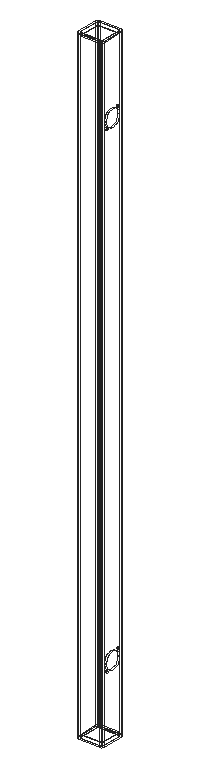
Revit family "1 SOUND_Active Speaker Tubes", category Communication Devices, host Face, Revit 2020
Family settings
  Host = Face
  Maintain Annotation Orientation = No
  Round Connector Dimension = Use Diameter
  Part Type = Normal
  Cut with Voids When Loaded = No
  Shared = No
  Room Calculation Point = No
Parameters (values of type "Active Speaker Tube 95 cm")
  Weight = "1.16 kg"
  URL = "https://www.1-sound.com/active-speaker-stand-tubes"
  Model = "Active Speaker Tube 95cm"
  Material = ""
  Manufacturer = "1 SOUND"  # constant formula
  Height Overall = 950.00 mm
  Finish = ""
  Dimensions (HxWxD) = "40.00mm x 40.00mm x 950.00mm"
  Default Elevation = 0.00 mm
  Construction = "Aluminum Alloy"
  Category = "Accessory"  # constant formula
  Accessory Finish [instance] = 1 Sound - Powder Coat_Black
Types (2, lengths in mm): name | Weight | Model | Height Overall | Dimensions (HxWxD)
  Active Speaker Tube 95 cm | "1.16 kg" | "Active Speaker Tube 95cm" | 950.00 | "40.00mm x 40.00mm x 950.00mm"
  Active Speaker Tube 145 cm | "1.76 kg" | "Active Speaker Tube 145cm" | 1450.00 | "40.00mm x 40.00mm x 1450.00mm"
Reference planes
  plane 1 "Center (Front/Back)": y = 0
  plane 2: z = 0
  plane 3 "Center (Left/Right)": x = 0
  plane 4: x = -20
  plane 5: x = 20
  plane 6: y = 20
  plane 7: y = -20
  plane 8: x = -17
  plane 9: y = -17
  plane 10: x = 17
  plane 11: y = 17
  plane 12: z = 950
  plane 13: z = 840
  plane 14: z = 110
  plane 15: z = 945
Forms (mm)
  Extrusion 1, void
    sketch origin (1.597, 0, 23.515) x (0, -1, 0) y (0, 0, -1)
      loop
        circle (0, -816.485) r 12.5
      loop
        circle (-10.96, -827.445) r 1.25
      loop
        circle (10.96, -805.525) r 1.25
    from 0 to 80
  Extrusion 2, solid, material "1 Sound - Powder Coat_Black" <- "Accessory Finish"
    sketch origin (0, 0, 0) x (1, 0, 0) y (0, 1, 0)
      loop
        arc (-15.728, 17) -> (-16.627, 16.627) -> (-17, 15.728) r 1.272
        line (-17, 15.728) -> (-17, -15.728)
        arc (-17, -15.728) -> (-16.627, -16.627) -> (-15.728, -17) r 1.272
        line (-15.728, -17) -> (15.728, -17)
        arc (15.728, -17) -> (16.627, -16.627) -> (17, -15.728) r 1.272
        line (17, -15.728) -> (17, 15.728)
        arc (17, 15.728) -> (16.627, 16.627) -> (15.728, 17) r 1.272
        line (15.728, 17) -> (-15.728, 17)
      loop
        arc (-15.728, 20) -> (-18.749, 18.749) -> (-20, 15.728) r 4.272
        line (-20, 15.728) -> (-20, -15.728)
        arc (-20, -15.728) -> (-18.749, -18.749) -> (-15.728, -20) r 4.272
        line (-15.728, -20) -> (15.728, -20)
        arc (15.728, -20) -> (18.749, -18.749) -> (20, -15.728) r 4.272
        line (20, -15.728) -> (20, 15.728)
        arc (20, 15.728) -> (18.749, 18.749) -> (15.728, 20) r 4.272
        line (15.728, 20) -> (-15.728, 20)
    from 0 to 950
  Extrusion 3, void
    sketch origin (1.597, 0, -706.485) x (0, -1, 0) y (0, 0, -1)
      loop
        circle (0, -816.485) r 12.5
      loop
        circle (-10.96, -827.445) r 1.25
      loop
        circle (10.96, -805.525) r 1.25
    from 0 to 80
  Extrusion 4, solid, material "1 Sound - Powder Coat_Black" <- "Accessory Finish"
    sketch origin (0, 0, 0) x (1, 0, 0) y (0, 1, 0)
      loop
        line (-16.5, 15.728) -> (-16.5, -15.728)
        arc (-16.5, -15.728) -> (-16.274, -16.274) -> (-15.728, -16.5) r 0.772
        line (-15.728, -16.5) -> (15.728, -16.5)
        arc (15.728, -16.5) -> (16.274, -16.274) -> (16.5, -15.728) r 0.772
        line (16.5, -15.728) -> (16.5, 15.728)
        arc (16.5, 15.728) -> (16.274, 16.274) -> (15.728, 16.5) r 0.772
        line (15.728, 16.5) -> (-15.728, 16.5)
        arc (-15.728, 16.5) -> (-16.274, 16.274) -> (-16.5, 15.728) r 0.772
    from 945 to 950
  Extrusion 5, solid, material "1 Sound - Powder Coat_Black" <- "Accessory Finish"
    sketch origin (0, 0, -945) x (1, 0, 0) y (0, 1, 0)
      loop
        line (-16.5, 15.728) -> (-16.5, -15.728)
        arc (-16.5, -15.728) -> (-16.274, -16.274) -> (-15.728, -16.5) r 0.772
        line (-15.728, -16.5) -> (15.728, -16.5)
        arc (15.728, -16.5) -> (16.274, -16.274) -> (16.5, -15.728) r 0.772
        line (16.5, -15.728) -> (16.5, 15.728)
        arc (16.5, 15.728) -> (16.274, 16.274) -> (15.728, 16.5) r 0.772
        line (15.728, 16.5) -> (-15.728, 16.5)
        arc (-15.728, 16.5) -> (-16.274, 16.274) -> (-16.5, 15.728) r 0.772
    from 945 to 950
Cuts and joins
  Extrusion 1, Extrusion 3 cuts Extrusion 2
Dimensions and locks
  equal spacing: plane 6, plane 1 "Center (Front/Back)", plane 7
  equal spacing: plane 4, plane 3 "Center (Left/Right)", plane 5
  locked: plane 6 to plane 7 at 40
  locked: plane 4 to plane 5 at 40
  "Height Overall": plane 12 to plane 2
  locked: plane 12 to plane 13 at 110
  plane 14 to plane 2 = 110.00 mm
  locked: plane 12 to plane 15 at 5
  aligned and locked: plane 2 to host face
  aligned and locked: level to host face
  aligned and locked: plane 12 to Extrusion 2
  aligned and locked: plane 12 to Extrusion 4
  aligned and locked: Extrusion 4 to plane 15
Automatic sketch dimensions
  host sketch curve to host sketch curve = 2438.40 mm  (x2)
  Extrusion 1 sketch curve to plane 1 "Center (Front/Back)" = 0.00 mm
  Extrusion 1 sketch curve to plane 13 = 0.00 mm
  Extrusion 1 sketch curve to plane 11 = 6.04 mm
  plane 9 to Extrusion 1 sketch curve = 6.04 mm
  plane 13 to Extrusion 1 sketch curve = 10.96 mm
  Extrusion 1 sketch curve to plane 13 = 10.96 mm
  Extrusion 2 sketch curve to Extrusion 2 sketch curve = 0.00 mm  (x8)
  Extrusion 2 sketch curve to plane 4 = 0.00 mm
  Extrusion 2 sketch curve to plane 8 = 0.00 mm
  Extrusion 2 sketch curve to plane 11 = 0.00 mm
  Extrusion 2 sketch curve to plane 7 = 0.00 mm
  Extrusion 2 sketch curve to plane 10 = 0.00 mm
  Extrusion 2 sketch curve to Extrusion 2 sketch curve = 1.272 mm  (x3)
  plane 8 to Extrusion 2 sketch curve = 1.272 mm
  Extrusion 3 sketch curve to plane 1 "Center (Front/Back)" = 0.00 mm
  Extrusion 3 sketch curve to plane 14 = 0.00 mm
  Extrusion 3 sketch curve to plane 11 = 6.04 mm
  plane 9 to Extrusion 3 sketch curve = 6.04 mm
  plane 14 to Extrusion 3 sketch curve = 10.96 mm
  Extrusion 3 sketch curve to plane 14 = 10.96 mm
  plane 8 to Extrusion 4 sketch curve = 0.50 mm
  Extrusion 4 sketch curve to Extrusion 4 sketch curve = 0.772 mm  (x2)
  Extrusion 4 sketch curve to plane 10 = 1.272 mm  (x2)
  Extrusion 4 sketch curve to plane 10 = 0.50 mm
  plane 9 to Extrusion 4 sketch curve = 0.50 mm
  Extrusion 4 sketch curve to plane 11 = 1.272 mm
  plane 8 to Extrusion 5 sketch curve = 0.50 mm
  Extrusion 5 sketch curve to Extrusion 5 sketch curve = 0.772 mm  (x2)
  Extrusion 5 sketch curve to plane 10 = 1.272 mm  (x2)
  Extrusion 5 sketch curve to plane 10 = 0.50 mm
  plane 9 to Extrusion 5 sketch curve = 0.50 mm
  Extrusion 5 sketch curve to plane 11 = 1.272 mm
  radius of Extrusion 1 sketch curve = 12.50 mm
  radius of Extrusion 1 sketch curve = 1.25 mm  (x2)
  radius of Extrusion 3 sketch curve = 12.50 mm
  radius of Extrusion 3 sketch curve = 1.25 mm  (x2)
